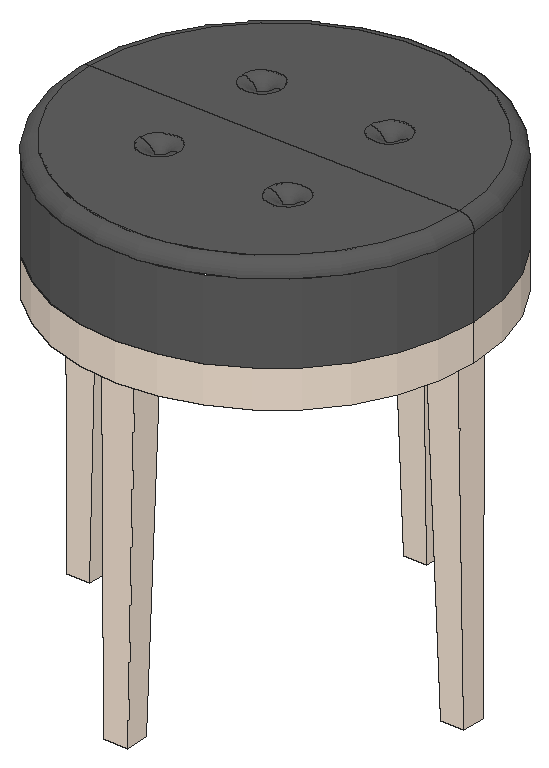
Revit family "Furniture_Chair_POUF 1.2", category Furniture, Revit 2020
Family settings
  OmniClass Number = 23.21.23.15.17
  Work Plane-Based = Yes
  Always vertical = No
  Cut with Voids When Loaded = No
  Shared = No
  Room Calculation Point = No
Parameters (values of type "POUF 1.2")
  Youtube clip = ""
  Uniformat II Description = "Movable Furnishings"
  Uniformat II Code = ""
  Uniclass 2015 Name = ""
  Uniclass 2015 Code = ""
  Uniclass 2.0 Description = ""
  Uniclass 2.0 Code = ""
  Uniclass 1.4 Description = ""
  Uniclass 1.4 Code = ""
  UNSPSC Code = ""
  Technical description = ""
  Shell Material [instance] = Leather - Black - Sandler 101
  Frame Material [instance] = Wood - Beech - White Aniline
  Region South America = "All"
  Region Oceania = "All"
  Region North America = "All"
  Region Middle East = "All"
  Region Europe = "All"
  Region Asia = "All"
  Region Antarctica = "All"
  Region Africa = "All"
  QR code = "https://www.sandlerseating.com/product/pouf-1-2/"
  Product url = "https://www.sandlerseating.com/product/pouf-1-2/"
  Product name = "POUF 1.2"
  Product group = "Chair"
  Product family = "Furniture"
  Product data url = "https://www.sandlerseating.com/product/pouf-1-2/"
  Product certification = ""
  Product SKU = "??"
  Product Guid = "??"
  OmniClass Description = ""
  OmniClass Code = "23-21 23 15 17"
  NBS Reference Description = ""
  NBS Reference Code = ""
  Model = "POUF 1.2"
  Masterformat 2014 Description = "Chair Mats"
  Masterformat 2014 Code = "12 48 43.13"
  Manufacturer name = "Sandler"
  Manufacturer country = "USA"
  Manufacturer = "Sandler"
  Installation instructions = ""
  IFC Classification = "Furnishing Element"
  GTIN code = ""
  Edition number = 1
  Design country = "Brasil"
  Description = "Chair"
  Default Elevation = 0.000 mm
  Date of publishing = ""
  COBIe Type Category = ""
  Brand url = "https://www.sandlerseating.com/"
  BIMobject main category code = "furniture"
  BIMobject main category = "Furniture"
  BIMobject category code = "furniture-chair"
  BIMobject category = "Chair"
Reference planes
  plane 1 "Center Front/Back": y = 0
  plane 2: z = 0
  plane 3 "Center Left/Right": x = 0
  plane 4: y = 212.5
  plane 5: y = -212.5
  plane 6: x = 212.5
  plane 7: x = -212.5
  plane 8: z = 485
  plane 9: z = 385
  plane 10: z = 345
Forms (mm)
  Revolve 1, solid, material "Leather - Black - Sandler 101" <- "Shell Material"
    sketch origin (0, 0, 0) x (1, 0, 0) y (0, 0, 1)
      loop
        line (0, 485) -> (-197.5, 485)
        arc (-197.5, 485) -> (-208.107, 480.607) -> (-212.5, 470) r 15
        line (-212.5, 470) -> (-212.5, 385) -> (0, 385) -> (0, 485)
      axis (0, 385) -> (0, 485)
    angle from 0 to 360
  Revolve 2, solid, material "Wood - Beech - White Aniline" <- "Frame Material"
    sketch origin (0, 0, 0) x (1, 0, 0) y (0, 0, 1)
      loop
        line (-177.5, 385) -> (-212.5, 385) -> (-212.5, 345) -> (-177.5, 345) -> (-177.5, 385)
      axis (0, 385) -> (0, 345)
    angle from 0 to 360
  Blend 3, solid, material "Wood - Beech - White Aniline" <- "Frame Material"
    base sketch origin (-187.5, 3.943, 840) x (1, 0, 0) y (0, 1, 0)
      loop
        line (205, 205) -> (170, 205) -> (170, 170) -> (205, 170) -> (205, 205)
    top sketch origin (-187.5, 3.943, 840) x (1, 0, 0) y (0, 1, 0)
      loop
        line (200, 208.125) -> (175, 208.125) -> (175, 183.125) -> (200, 183.125) -> (200, 208.125)
    from -455 to -840
  Blend 4, solid, material "Wood - Beech - White Aniline" <- "Frame Material"
    base sketch origin (3.943, 187.5, 840) x (0, -1, 0) y (1, 0, 0)
      loop
        line (205, 205) -> (170, 205) -> (170, 170) -> (205, 170) -> (205, 205)
    top sketch origin (3.943, 187.5, 840) x (0, -1, 0) y (1, 0, 0)
      loop
        line (200, 208.125) -> (175, 208.125) -> (175, 183.125) -> (200, 183.125) -> (200, 208.125)
    from -455 to -840
  Blend 5, solid, material "Wood - Beech - White Aniline" <- "Frame Material"
    base sketch origin (187.5, -3.943, 840) x (-1, 0, 0) y (0, -1, 0)
      loop
        line (205, 205) -> (170, 205) -> (170, 170) -> (205, 170) -> (205, 205)
    top sketch origin (187.5, -3.943, 840) x (-1, 0, 0) y (0, -1, 0)
      loop
        line (200, 208.125) -> (175, 208.125) -> (175, 183.125) -> (200, 183.125) -> (200, 208.125)
    from -455 to -840
  Blend 6, solid, material "Wood - Beech - White Aniline" <- "Frame Material"
    base sketch origin (-3.943, -187.5, 840) x (0, 1, 0) y (-1, 0, 0)
      loop
        line (205, 205) -> (170, 205) -> (170, 170) -> (205, 170) -> (205, 205)
    top sketch origin (-3.943, -187.5, 840) x (0, 1, 0) y (-1, 0, 0)
      loop
        line (200, 208.125) -> (175, 208.125) -> (175, 183.125) -> (200, 183.125) -> (200, 208.125)
    from -455 to -840
  Revolve 7, void
    sketch origin (0, 68.33, 0) x (1, 0, 0) y (0, 0, 1)
      loop
        line (68.33, 485) -> (68.33, 472.998) -> (73.33, 472.998)
        arc (73.33, 472.998) -> (79.473, 481.415) -> (89.257, 485) r 17.945
        line (89.257, 485) -> (68.33, 485)
      axis (68.33, 472.998) -> (68.33, 485)
    angle from 0 to 360
  Revolve 8, void
    sketch origin (0, 68.33, 0) x (-1, 0, 0) y (0, 0, 1)
      loop
        line (68.33, 485) -> (68.33, 472.998) -> (73.33, 472.998)
        arc (73.33, 472.998) -> (79.473, 481.415) -> (89.257, 485) r 17.945
        line (89.257, 485) -> (68.33, 485)
      axis (68.33, 472.998) -> (68.33, 485)
    angle from 0 to 360
  Revolve 9, void
    sketch origin (0, -68.33, 0) x (1, 0, 0) y (0, 0, -1)
      loop
        line (68.33, -485) -> (89.257, -485)
        arc (89.257, -485) -> (79.473, -481.415) -> (73.33, -472.998) r 17.945
        line (73.33, -472.998) -> (68.33, -472.998) -> (68.33, -485)
      axis (68.33, -472.998) -> (68.33, -485)
    angle from 0 to 360
  Revolve 10, void
    sketch origin (0, -68.33, 0) x (-1, 0, 0) y (0, 0, 1)
      loop
        line (68.33, 485) -> (68.33, 472.998) -> (73.33, 472.998)
        arc (73.33, 472.998) -> (79.473, 481.415) -> (89.257, 485) r 17.945
        line (89.257, 485) -> (68.33, 485)
      axis (68.33, 472.998) -> (68.33, 485)
    angle from 0 to 360
Cuts and joins
  Revolve 7, Revolve 8, Revolve 9, Revolve 10 cuts Revolve 1
Dimensions and locks
  aligned and locked: level to plane 2
